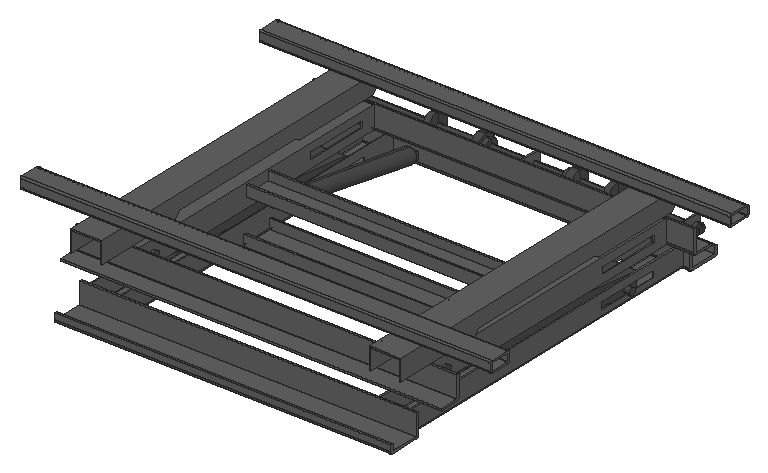
Revit family "Atdec-Wall_Mount-ADB_VWP-", category Generic Models, host Face, Revit 2016
Family settings
  Host = Face
  Part Type = Normal
  Can host rebar = No
  Round Connector Dimension = Use Diameter
  Cut with Voids When Loaded = No
  Shared = No
  Room Calculation Point = No
Parameters (values of type "ADB-VWP")
  Weight, single unit = "5.92kg (13lb)"
  Weight, master carton = "15.5kg (34lb)"
  Warranty = "10 years"
  VESA mounting hole pattern, mm = "100x100, 100x200, 200x100, 200x200, 200x300, 200x400, 200x600, 300x200, 300x300, 400x200, 400x300, 400x400, 400x600, 600x200, 600x400"
  Universal Height (mm) = "From 100 to 400"
  URL = "www.atdec.com.au"
  UPC Code = "881493016231"
  Tilt Adjustment = "-"
  Single units per master pack = "1"
  Single Unit Dimensions = "650mm (25.5\") Lenght, 587mm (23.1\") Width, 100mm (3.9\") Height"
  Security feature = "Can be secured with padlock (not included)"
  Range of Motion = "Fixed Angle"
  Product information link = "https://www.atdec.com.au/adb-vwp"
  Product Family = "Wall Mount Rail"  # constant formula
  Universal Width (mm) = "From 100 to 600"
  Plate Finish [instance] = ATD-Powdercoat Black
  Pan Adjustment = "-"
  Open Dist [instance] = if(OPEN, 290 mm, 119 mm)  # 119 mm
  OPEN [instance] = no
  Model = "ADB-VWP"
  Minimum distance from wall (mm) = "88mm (3.46\")"
  Maximum distance from wall (mm) = "267mm (10.5\")"
  Material = "Steel"
  Master Carton Dimensions = "660mm (26\") Lenght, 600mm (23.6\") Width, 110mm (4.3\") Height"
  Manufacturer = "Atdec"  # constant formula
  Flat screen maximum supported weight = "50kg (110lb)"
  Email Address = "support@atdec.com"
  Description = "pop-out video wall mount"
  Default Elevation = 1219.2 mm
  Colour Options = "Black"
  CLOSED [instance] = not(OPEN)  # yes
  Bracket Finish [instance] = ATD-Plastic Black
  Bracket Distance = 440 mm
  Assembly Code = "E1010800"
Reference planes
  plane 1 "Center (Front/Back)": y = 0
  plane 2: z = 0
  plane 3 "Center (Left/Right)": x = 0
  plane 4: x = -220
  plane 5: x = 220
  plane 6: z = 0
  plane 7: z = 38.193
  plane 8: z = 76.386
  plane 9: y = 226.719
  plane 10: z = 119
  plane 11: x = -220
  plane 12: x = 220
Forms (mm)
  Sweep 1, solid, material "ATD-Powdercoat Black" <- "Plate Finish"
    path origin (0, 0, 817.158) x (0, 1, 0) y (0, 0, -1)
      loop
        line (-250.259, 723.035) -> (214.219, 723.035)
    profile origin (0, -18.02, 94.123) x (0, 0, 1) y (1, 0, 0)
      loop
        line (-18.126, -219) -> (-18.126, -221) -> (10.302, -221) -> (10.302, -179.038) -> (-18.126, -179.038) -> (-18.126, -181.038) -> (8.302, -181.038) -> (8.302, -219) -> (-18.126, -219)
      loop
        line (-18.126, 219) -> (8.302, 219) -> (8.302, 181.038) -> (-18.126, 181.038) -> (-18.126, 179.038) -> (10.302, 179.038) -> (10.302, 221) -> (-18.126, 221) -> (-18.126, 219)
  Extrusion 2, solid, material "ATD-Powdercoat Black" <- "Plate Finish"
    sketch origin (0, 0, 817.158) x (0, 1, 0) y (0, 0, 1)
      loop
        line (226.262, -775.136) -> (226.262, -772.636) -> (201.262, -772.636)
        arc (201.262, -772.636) -> (200.875, -772.474) -> (200.719, -772.086) r 0.542
        line (200.719, -772.086) -> (200.719, -743.195) -> (198.219, -743.195) -> (198.219, -772.075)
        arc (198.219, -772.075) -> (199.104, -774.238) -> (201.262, -775.136) r 3.042
        line (201.262, -775.136) -> (226.262, -775.136)
      loop
        line (-223.823, -775.136) -> (-198.823, -775.136)
        arc (-198.823, -775.136) -> (-196.665, -774.238) -> (-195.781, -772.075) r 3.042
        line (-195.781, -772.075) -> (-195.781, -743.195) -> (-198.281, -743.195) -> (-198.281, -772.086)
        arc (-198.281, -772.086) -> (-198.437, -772.474) -> (-198.823, -772.636) r 0.542
        line (-198.823, -772.636) -> (-223.823, -772.636) -> (-223.823, -775.136)
    from -255.875 to 254.125
  Extrusion 3, solid, material "ATD-Powdercoat Black" <- "Plate Finish"
    sketch origin (0, 0, 456.756) x (0, 1, 0) y (0, 0, 1)
      loop
        line (272.889, -444.756) -> (269.889, -444.756) -> (269.889, -453.756) -> (230.389, -453.756) -> (230.389, -424.756) -> (227.389, -424.756) -> (227.389, -453.256)
        arc (227.389, -453.256) -> (228.414, -455.731) -> (230.889, -456.756) r 3.5
        line (230.889, -456.756) -> (269.389, -456.756)
        arc (269.389, -456.756) -> (271.864, -455.731) -> (272.889, -453.256) r 3.5
        line (272.889, -453.256) -> (272.889, -444.756)
      loop
        line (-272.111, -444.756) -> (-272.111, -453.256)
        arc (-272.111, -453.256) -> (-271.086, -455.731) -> (-268.611, -456.756) r 3.5
        line (-268.611, -456.756) -> (-230.111, -456.756)
        arc (-230.111, -456.756) -> (-227.636, -455.731) -> (-226.611, -453.256) r 3.5
        line (-226.611, -453.256) -> (-226.611, -424.756) -> (-229.611, -424.756) -> (-229.611, -453.756) -> (-269.111, -453.756) -> (-269.111, -444.756) -> (-272.111, -444.756)
    from -224.828 to 225.172
  Sweep 4, solid, material "ATD-Powdercoat Black" <- "Plate Finish"
    path origin (0, 0, 817.158) x (0, 1, 0) y (0, 0, -1)
      loop
        line (-226.611, 817.158) -> (227.389, 817.158)
    profile origin (0, 0.389, 0) x (0, 0, 1) y (1, 0, 0)
      loop
        line (3, -215.4) -> (30.5, -215.4) -> (30.5, -213.4) -> (3, -213.4)
        arc (3, -213.4) -> (2.293, -213.107) -> (2, -212.4) r 1
        line (2, -212.4) -> (2, -174.6)
        arc (2, -174.6) -> (2.293, -173.893) -> (3, -173.6) r 1
        line (3, -173.6) -> (30.5, -173.6) -> (30.5, -171.6) -> (3, -171.6)
        arc (3, -171.6) -> (0.879, -172.479) -> (0, -174.6) r 3
        line (0, -174.6) -> (0, -212.4)
        arc (0, -212.4) -> (0.879, -214.521) -> (3, -215.4) r 3
      loop
        arc (3, 215.4) -> (0.879, 214.521) -> (0, 212.4) r 3
        line (0, 212.4) -> (0, 174.6)
        arc (0, 174.6) -> (0.879, 172.479) -> (3, 171.6) r 3
        line (3, 171.6) -> (30.5, 171.6) -> (30.5, 173.6) -> (3, 173.6)
        arc (3, 173.6) -> (2.293, 173.893) -> (2, 174.6) r 1
        line (2, 174.6) -> (2, 212.4)
        arc (2, 212.4) -> (2.293, 213.107) -> (3, 213.4) r 1
        line (3, 213.4) -> (30.5, 213.4) -> (30.5, 215.4) -> (3, 215.4)
  Sweep 5, solid, material "ATD-Powdercoat Black" <- "Plate Finish"
    path origin (0, 0, 822.158) x (0, 1, 0) y (0, 0, -1)
      loop
        line (-195.781, 723.035) -> (198.219, 723.035)
    profile origin (0, 1.219, 99.123) x (0, 0, 1) y (1, 0, 0)
      loop
        line (-57.109, -214.303) -> (-57.109, -216.303) -> (-26.182, -216.303) -> (-26.182, -174.341) -> (-57.109, -174.341) -> (-57.109, -176.341) -> (-28.182, -176.341) -> (-28.182, -214.303) -> (-57.109, -214.303)
      loop
        line (-57.109, 214.303) -> (-28.182, 214.303) -> (-28.182, 176.341) -> (-57.109, 176.341) -> (-57.109, 174.341) -> (-26.182, 174.341) -> (-26.182, 216.303) -> (-57.109, 216.303) -> (-57.109, 214.303)
  Extrusion 6, void
    sketch origin (0, 0, 0) x (0, 1, 0) y (0, 0, 1)
      loop
        line (180.048, 62.731) -> (91.634, 62.731) -> (91.634, 52.454) -> (180.048, 52.454) -> (180.048, 62.731)
      loop
        line (180.048, 19.888) -> (91.634, 19.888) -> (91.634, 9.61) -> (180.048, 9.61) -> (180.048, 19.888)
    from -220 to 220
  Extrusion 7, solid, material "ATD-Powdercoat Black" <- "Plate Finish"
    sketch origin (0, 0, 0) x (0, 1, 0) y (0, 0, 1)
      loop
        line (21.693, 16.31) -> (19.193, 16.31) -> (19.193, 3.81) -> (-20.807, 3.81) -> (-20.807, 16.31) -> (-23.307, 16.31) -> (-23.307, 1.31) -> (21.693, 1.31) -> (21.693, 16.31)
      loop
        line (22.631, 72.576) -> (20.131, 72.576) -> (20.131, 60.076) -> (-14.547, 60.076) -> (-14.547, 72.576) -> (-17.047, 72.576) -> (-17.047, 57.576) -> (22.631, 57.576) -> (22.631, 72.576)
    from -171.6 to 171.6
  Revolve 8, solid, material "ATD-Plastic Black" <- "Bracket Finish"
    sketch origin (0, 226.719, 227.002) x (0, 0, -1) y (-1, 0, 0)
      loop
        line (170.138, -242.5) -> (170.138, 242.5) -> (166.31, 242.5) -> (166.31, 239.3) -> (163.643, 239.3) -> (163.643, 222.939) -> (166.31, 222.939) -> (166.31, 119.412) -> (154.3, 119.412) -> (154.3, 111.426) -> (166.31, 111.426) -> (166.31, 58.266) -> (156.181, 56.48) -> (156.181, 46.48) -> (160.241, 46.48) -> (160.241, 39.782) -> (166.31, 39.782) -> (166.31, -62.149) -> (160.241, -62.149) -> (160.241, -68.848) -> (156.181, -68.848) -> (156.181, -78.848) -> (166.31, -80.634) -> (166.31, -121.426) -> (154.3, -121.426) -> (154.3, -129.412) -> (166.31, -129.412) -> (166.31, -222.939) -> (163.643, -222.939) -> (163.643, -239.3) -> (166.31, -239.3) -> (166.31, -242.5) -> (170.138, -242.5)
      axis (170.138, -242.5) -> (170.138, 242.5)
    angle from 0 to 360
  Sweep 9, solid, material "ATD-Powdercoat Black" <- "Plate Finish"
    path origin (0, 0, 0) x (1, 0, 0) y (0, 1, 0)
      loop
        line (0, 200.719) -> (0, 235.719)
    profile origin (0, 218.219, 0) x (-1, 0, 0) y (0, 0, 1)
      loop
        line (232.5, 70.095) -> (230, 70.095) -> (230, 45.3) -> (232.5, 45.3) -> (232.5, 70.095)
      loop
        line (-232.5, 70.095) -> (-232.5, 45.3) -> (-230, 45.3) -> (-230, 70.095) -> (-232.5, 70.095)
      loop
        line (-15, 70.095) -> (-17.5, 70.095) -> (-17.5, 45.3) -> (-15, 45.3) -> (-15, 70.095)
  Extrusion 10, void
    sketch origin (0, 0, 0) x (0, 1, 0) y (0, 0, 1)
      loop
        line (214.219, 104.425) -> (212.097, 92.387) -> (202.862, 80.567) -> (81.104, 80.567) -> (74.538, 84.358) -> (-120.462, 84.358) -> (-127.831, 76.989) -> (-127.831, 74.31) -> (214.219, 74.31) -> (214.219, 104.425)
    from -221 to 221
  Extrusion 11, solid, material "ATD-Powdercoat Black" <- "Plate Finish"
    sketch origin (0, 0, 0) x (0, 1, 0) y (0, 0, 1)
      loop
        line (185.074, 104.425) -> (211.09, 104.425)
        arc (211.09, 104.425) -> (212.504, 105.01) -> (213.09, 106.425) r 2
        line (213.09, 106.425) -> (213.09, 117)
        arc (213.09, 117) -> (212.504, 118.414) -> (211.09, 119) r 2
        line (211.09, 119) -> (185.074, 119)
        arc (185.074, 119) -> (183.66, 118.414) -> (183.074, 117) r 2
        line (183.074, 117) -> (183.074, 106.425)
        arc (183.074, 106.425) -> (183.66, 105.01) -> (185.074, 104.425) r 2
      loop
        arc (-188.824, 104.425) -> (-187.41, 105.01) -> (-186.824, 106.425) r 2
        line (-186.824, 106.425) -> (-186.824, 117)
        arc (-186.824, 117) -> (-187.41, 118.414) -> (-188.824, 119) r 2
        line (-188.824, 119) -> (-214.84, 119)
        arc (-214.84, 119) -> (-216.254, 118.414) -> (-216.84, 117) r 2
        line (-216.84, 117) -> (-216.84, 106.425)
        arc (-216.84, 106.425) -> (-216.254, 105.01) -> (-214.84, 104.425) r 2
        line (-214.84, 104.425) -> (-188.824, 104.425)
      loop
        line (211.59, 106.425) -> (211.59, 117)
        arc (211.59, 117) -> (211.443, 117.354) -> (211.09, 117.5) r 0.5
        line (211.09, 117.5) -> (185.074, 117.5)
        arc (185.074, 117.5) -> (184.721, 117.354) -> (184.574, 117) r 0.5
        line (184.574, 117) -> (184.574, 106.425)
        arc (184.574, 106.425) -> (184.721, 106.071) -> (185.074, 105.925) r 0.5
        line (185.074, 105.925) -> (211.09, 105.925)
        arc (211.09, 105.925) -> (211.443, 106.071) -> (211.59, 106.425) r 0.5
      loop
        arc (-188.324, 117) -> (-188.471, 117.354) -> (-188.824, 117.5) r 0.5
        line (-188.824, 117.5) -> (-214.84, 117.5)
        arc (-214.84, 117.5) -> (-215.193, 117.354) -> (-215.34, 117) r 0.5
        line (-215.34, 117) -> (-215.34, 106.425)
        arc (-215.34, 106.425) -> (-215.193, 106.071) -> (-214.84, 105.925) r 0.5
        line (-214.84, 105.925) -> (-188.824, 105.925)
        arc (-188.824, 105.925) -> (-188.471, 106.071) -> (-188.324, 106.425) r 0.5
        line (-188.324, 106.425) -> (-188.324, 117)
    from -315 to 315
Cuts and joins
  Extrusion 6 cuts Sweep 5
  Extrusion 6 cuts Sweep 4
  Extrusion 10 cuts Sweep 1
Dimensions and locks
  equal spacing: plane 4, plane 3 "Center (Left/Right)", plane 5
  Sweep 1 sketch curve to Sweep 1 sketch curve = 464.478 mm
  Extrusion 2 sketch curve to Extrusion 2 sketch curve to Extrusion 2 sketch curve = 2.5 mm locked, 29.44 mm locked  (x2)
  locked: Extrusion 2 sketch curve to Extrusion 2 sketch curve at 25.542
  Extrusion 2 sketch curve to Extrusion 2 sketch curve to Extrusion 2 sketch curve = 25.542 mm locked, 2.5 mm locked
  equal spacing: plane 8, plane 7, plane 6
  Extrusion 3 sketch curve to Extrusion 3 sketch curve to Extrusion 3 sketch curve to Extrusion 3 sketch curve to plane 1 "Center (Front/Back)" = 3 mm locked, 39.5 mm locked, 3 mm locked, 227.389 mm locked
  plane 1 "Center (Front/Back)" to Extrusion 3 sketch curve to Extrusion 3 sketch curve to Extrusion 3 sketch curve to Extrusion 3 sketch curve = 226.611 mm locked, 3 mm locked, 39.5 mm locked, 3 mm locked
  Sweep 4 sketch curve to Sweep 4 sketch curve to Sweep 4 sketch curve to Sweep 4 sketch curve to plane 4 = 2 mm locked, 39.8 mm locked, 2 mm locked, 4.6 mm locked
  Sweep 4 sketch curve to Sweep 4 sketch curve to Sweep 4 sketch curve to Sweep 4 sketch curve to plane 5 = 2 mm locked, 39.8 mm locked, 2 mm locked, 4.6 mm locked
  Sweep 4 sketch curve to Sweep 4 sketch curve to plane 6 = 28.5 mm locked, 2 mm locked  (x2)
  Sweep 5 sketch curve to Sweep 5 sketch curve = 394 mm
  Sweep 5 sketch curve to Sweep 5 sketch curve to Sweep 5 sketch curve to Sweep 5 sketch curve to plane 11 = 2 mm locked, 37.962 mm locked, 2 mm locked, 3.697 mm
  plane 12 to Sweep 5 sketch curve to Sweep 5 sketch curve to Sweep 5 sketch curve to Sweep 5 sketch curve = 3.697 mm locked, 2 mm locked, 37.962 mm locked, 2 mm locked
  plane 8 to Sweep 5 sketch curve to Sweep 5 sketch curve to Sweep 5 sketch curve = 3.445 mm locked, 2 mm locked, 28.927 mm locked  (x2)
  Sweep 1 sketch curve to Sweep 1 sketch curve to plane 8 to Sweep 1 sketch curve = 2 mm locked, 26.039 mm locked, 0.388 mm locked  (x2)
  Sweep 1 sketch curve to plane 12 to Sweep 1 sketch curve to Sweep 1 sketch curve to Sweep 1 sketch curve = 1 mm locked, 1 mm locked, 37.962 mm locked, 2 mm locked
  Sweep 1 sketch curve to Sweep 1 sketch curve to Sweep 1 sketch curve to plane 11 to Sweep 1 sketch curve = 2 mm locked, 37.962 mm locked, 1 mm locked, 1 mm locked
  locked: nested 1 to plane 4 at 7.5
  locked: plane 5 to nested 2 at 7.5
  plane 8 to Extrusion 6 sketch curve to Extrusion 6 sketch curve = 13.654 mm locked, 10.278 mm locked
  Extrusion 6 sketch curve to Extrusion 6 sketch curve to plane 1 "Center (Front/Back)" = 88.414 mm locked, 91.634 mm locked  (x2)
  Extrusion 6 sketch curve to Extrusion 6 sketch curve to plane 2 = 10.278 mm locked, 9.61 mm locked
  Extrusion 6 to plane 2 = 52.454 mm
  Sweep 1 sketch curve to plane 1 "Center (Front/Back)" to Sweep 1 sketch curve = 214.219 mm locked, 250.259 mm locked
  plane 6 to Extrusion 7 sketch curve to Extrusion 7 sketch curve to Extrusion 7 sketch curve = 1.31 mm locked, 2.5 mm locked, 12.5 mm locked
  Extrusion 7 sketch curve to Extrusion 7 sketch curve to plane 1 "Center (Front/Back)" to Extrusion 7 sketch curve to Extrusion 7 sketch curve = 2.5 mm locked, 20.131 mm locked, 14.547 mm locked, 2.5 mm locked
  Extrusion 7 sketch curve to Extrusion 7 sketch curve to Extrusion 7 sketch curve to plane 8 = 2.5 mm locked, 12.5 mm locked, 3.81 mm locked
  Revolve 8 sketch curve to Revolve 8 sketch curve to Revolve 8 sketch curve to Revolve 8 sketch curve to Revolve 8 sketch curve to Revolve 8 sketch curve to plane 8 = 3.827 mm locked, 2.667 mm locked, 3.402 mm locked, 4.06 mm locked, 1.881 mm locked, 3.684 mm locked
  locked: Revolve 8 sketch curve to plane 8 at 19.522
  locked: plane 9 to plane 1 "Center (Front/Back)" at 226.719
  Sweep 9 sketch curve to plane 9 to Sweep 9 sketch curve = 9.001 mm locked, 25.999 mm locked
  "Open Dist": plane 2 to plane 10
  locked: plane 10 to plane 8 at 42.614
  locked: plane 1 "Center (Front/Back)" to nested 1 at 44.137
  locked: plane 1 "Center (Front/Back)" to nested 2 at 44.137
  equal spacing: plane 11, plane 3 "Center (Left/Right)", plane 12
  "Bracket Distance": plane 11 to plane 12
  plane 2 to Extrusion 3 sketch curve to Extrusion 3 sketch curve to Extrusion 3 sketch curve = 3 mm locked, 9 mm locked, 20 mm locked
  locked: Extrusion 3 to plane 4 at 4.828
  locked: Extrusion 3 to plane 5 at 5.172
  locked: plane 9 to Sweep 1 at 12.5
  Extrusion 10 sketch curve to Extrusion 10 sketch curve to Extrusion 10 sketch curve to plane 10 = 6.257 mm locked, 3.791 mm locked, 34.642 mm locked
  locked: plane 1 "Center (Front/Back)" to Extrusion 10 sketch curve at 127.831
  locked: plane 9 to Extrusion 10 sketch curve at 14.622
  plane 4 to Sweep 9 sketch curve to Sweep 9 sketch curve = 10 mm locked, 2.5 mm locked
  plane 8 to Sweep 9 sketch curve to Sweep 9 sketch curve = 6.291 mm locked, 24.795 mm locked
  Sweep 9 sketch curve to Sweep 9 sketch curve to plane 5 = 2.5 mm locked, 10 mm locked
  Sweep 9 sketch curve to Sweep 9 sketch curve to plane 3 "Center (Left/Right)" = 2.5 mm locked, 15 mm locked
  locked: Extrusion 11 sketch curve to plane 10 at 14.575  (x2)
  Extrusion 11 sketch curve to Extrusion 11 sketch curve to plane 10 = 11.575 mm locked, 1.5 mm locked
  locked: Extrusion 11 sketch curve to Extrusion 11 sketch curve at 1.5  (x4)
  plane 1 "Center (Front/Back)" to Extrusion 11 sketch curve to Extrusion 11 sketch curve = 186.824 mm locked, 30.015 mm locked
  Extrusion 11 sketch curve to Extrusion 11 sketch curve to plane 1 "Center (Front/Back)" = 30.015 mm locked, 183.074 mm locked
  equal spacing: Extrusion 11, plane 3 "Center (Left/Right)", Extrusion 11, locked at 315 each
  aligned and locked: plane 2 to host face
  aligned and locked: level to host face
  aligned and locked: plane 6 to Sweep 4 sketch curve  (x2)
  aligned and locked: Sweep 4 sketch curve to Extrusion 3
  aligned and locked: Extrusion 3 to Sweep 4 sketch curve
  aligned and locked: Sweep 4 sketch curve to Sweep 4 sketch curve  (x2)
  aligned and locked: Sweep 4 sketch curve to plane 6
  aligned and locked: Sweep 5 sketch curve to Sweep 5 sketch curve  (x2)
  aligned and locked: plane 2 to plane 6
  aligned and locked: Extrusion 6 to plane 4
  aligned and locked: Extrusion 7 sketch curve to Extrusion 7 sketch curve  (x2)
  aligned and locked: Extrusion 7 to cut or joined group of Sweep 4, Extrusion 6  (x2)
  aligned and locked: Revolve 8 sketch curve to Revolve 8 sketch curve  (x8)
  aligned and locked: plane 3 "Center (Left/Right)" to Sweep 9 sketch curve
  aligned and locked: nested 1 to plane 7
  aligned and locked: plane 7 to nested 2
  aligned and locked: Extrusion 3 sketch curve to plane 6
  aligned and locked: Extrusion 3 sketch curve to plane 2
  aligned and locked: Extrusion 3 sketch curve to Extrusion 3 sketch curve  (x3)
  aligned and locked: Extrusion 10 to Sweep 1  (x2)
  aligned and locked: Sweep 9 sketch curve to Sweep 9 sketch curve  (x4)
  aligned and locked: plane 11 to plane 4
  aligned and locked: plane 10 to Extrusion 11 sketch curve
  aligned and locked: Extrusion 11 sketch curve to plane 10
Automatic sketch dimensions
  host sketch curve to host sketch curve = 852.599 mm
  host sketch curve to host sketch curve = 866.205 mm
  Extrusion 2 sketch curve to Extrusion 2 sketch curve = 0 mm  (x4)
  plane 8 to Extrusion 2 sketch curve = 31.864 mm
  Extrusion 2 sketch curve to plane 1 "Center (Front/Back)" = 223.823 mm
  Extrusion 2 sketch curve to Extrusion 2 sketch curve = 0.542 mm  (x2)
  Extrusion 2 sketch curve to Extrusion 2 sketch curve = 2.5 mm
  plane 8 to Extrusion 2 sketch curve = 2.423 mm
  plane 1 "Center (Front/Back)" to Extrusion 2 sketch curve = 198.219 mm
  Extrusion 2 sketch curve to Extrusion 2 sketch curve = 0.561 mm  (x2)
  Extrusion 3 sketch curve to Extrusion 3 sketch curve = 0.5 mm  (x4)
  Sweep 4 sketch curve to Sweep 4 sketch curve = 0 mm  (x4)
  Sweep 4 sketch curve to Sweep 4 sketch curve = 1 mm  (x3)
  Sweep 4 sketch curve to profile plane = 3 mm
  Sweep 5 sketch curve to plane 1 "Center (Front/Back)" = 195.781 mm
  Sweep 5 sketch curve to plane 8 = 22.737 mm
  Sweep 1 sketch curve to plane 8 = 17.737 mm
  plane 1 "Center (Front/Back)" to Extrusion 7 sketch curve = 23.307 mm
  Extrusion 7 sketch curve to Extrusion 7 sketch curve = 2.5 mm  (x2)
  Extrusion 7 sketch curve to plane 1 "Center (Front/Back)" = 19.193 mm
  profile plane to Sweep 1 sketch curve = 18.126 mm  (x2)
  Revolve 8 sketch curve to Revolve 8 sketch curve = 2.667 mm
  Revolve 8 sketch curve to Revolve 8 sketch curve = 3.827 mm
  plane 5 to Revolve 8 sketch curve = 22.5 mm
  Revolve 8 sketch curve to Revolve 8 sketch curve = 3.2 mm  (x2)
  plane 5 to Revolve 8 sketch curve = 2.939 mm
  Revolve 8 sketch curve to plane 5 = 90.588 mm
  Revolve 8 sketch curve to Revolve 8 sketch curve = 7.986 mm  (x2)
  Revolve 8 sketch curve to Revolve 8 sketch curve = 40.792 mm
  Revolve 8 sketch curve to Revolve 8 sketch curve = 1.786 mm  (x2)
  Revolve 8 sketch curve to Revolve 8 sketch curve = 10 mm  (x2)
  Revolve 8 sketch curve to Revolve 8 sketch curve = 6.699 mm  (x2)
  Revolve 8 sketch curve to plane 3 "Center (Left/Right)" = 39.782 mm
  Revolve 8 sketch curve to Revolve 8 sketch curve = 53.16 mm
  Revolve 8 sketch curve to plane 4 = 2.939 mm
  Revolve 8 sketch curve to Revolve 8 sketch curve = 16.361 mm
  Revolve 8 sketch curve to Revolve 8 sketch curve = 0 mm
  Revolve 8 sketch curve to Revolve 8 sketch curve = 25 mm
  Extrusion 10 sketch curve to Extrusion 10 sketch curve = 7.369 mm
  Extrusion 10 sketch curve to plane 1 "Center (Front/Back)" = 74.538 mm
  Extrusion 10 sketch curve to Extrusion 10 sketch curve = 6.566 mm
  Extrusion 10 sketch curve to plane 9 = 23.857 mm
  plane 8 to Extrusion 10 sketch curve = 0.604 mm
  Extrusion 10 sketch curve to Extrusion 10 sketch curve = 11.82 mm
  Extrusion 10 sketch curve to Extrusion 10 sketch curve = 2.123 mm
  Extrusion 10 sketch curve to Extrusion 10 sketch curve = 12.037 mm
  plane 10 to Extrusion 11 sketch curve = 2 mm  (x4)
  Extrusion 11 sketch curve to Extrusion 11 sketch curve = 2 mm  (x3)
  Extrusion 11 sketch curve to Extrusion 11 sketch curve = 0 mm  (x11)
Nested families
  nested 1: "ADB BRKT" at (-212.5, -44.137, 38.193), Bracket Finish <- "Bracket Finish", OPEN <- "OPEN", CLOSED <- "CLOSED", type "ADB BRKT"
    with OPEN no, CLOSED yes, Bracket Finish ATD-Plastic Black
  nested 2: "ADB BRKT" at (212.5, -44.137, 38.193) x (-1, 0, 0) z (0, 0, 1), Bracket Finish <- "Bracket Finish", OPEN <- "OPEN", CLOSED <- "CLOSED", type "ADB BRKT"
    with OPEN no, CLOSED yes, Bracket Finish ATD-Plastic Black
Definition of nested family "ADB BRKT"
  Parameters (values of type "ADB BRKT")
    OPEN [instance] = yes
    CLOSED [instance] = yes
    Bracket Finish [instance] = none
  Reference planes
    plane 1 "Center (Front/Back)": z = 0
    plane 2: y = 0
    plane 3 "Center (Left/Right)": x = 0
  Forms (mm)
    Sweep 1, solid, material <- "Bracket Finish", visible <- "OPEN"
      path origin (0, -15, 0) x (0, 0, 1) y (0, -1, 0)
        loop
          line (116.062, 135.85) -> (-97.967, -153.618)
      profile origin (0, -6.116, 9.047) x (0, 0.594525, 0.804077) y (1, 0, 0)
        loop
          line (-23.352, -0.1) -> (0, -0.1) -> (0, 35.1) -> (-23.352, 35.1) -> (-23.352, 33.1) -> (-2, 33.1) -> (-2, 1.9) -> (-23.352, 1.9) -> (-23.352, -0.1)
    Revolve 2, solid, material <- "Bracket Finish", visible <- "OPEN"
      sketch origin (68.75, -7.5, -6.25) x (0, 0, 1) y (0, -1, 0)
        loop
          line (104.42, 38.213) -> (107.257, 41.05) -> (11.137, 139.098) -> (14.672, 142.633) -> (-101.32, 262.43) -> (-108.425, 255.325) -> (104.42, 38.213)
        axis (104.42, 38.213) -> (-108.495, 255.397)
      angle from 0 to 360
    Sweep 3, solid, material <- "Bracket Finish", visible <- "CLOSED"
      path origin (0, -35.459, -3.353) x (0, -0.681998, 0.731354) y (0, -0.731354, -0.681998)
        loop
          line (107.144, 123.789) -> (-94.995, -149.598)
      profile origin (0, -30.164, 9.89) x (0, -0.113571, 0.99353) y (1, 0, 0)
        loop
          line (-23.352, -0.1) -> (0, -0.1) -> (0, 35.1) -> (-23.352, 35.1) -> (-23.352, 33.1) -> (-2, 33.1) -> (-2, 1.9) -> (-23.352, 1.9) -> (-23.352, -0.1)
    Revolve 4, solid, material <- "Bracket Finish", visible <- "CLOSED"
      sketch origin (68.75, 19.951, -75.661) x (0, 0.559193, 0.829038) y (0, -0.829038, 0.559193)
        loop
          line (40.82, 103.088) -> (43.657, 105.926) -> (11.137, 139.098) -> (14.672, 142.633) -> (-108.107, 269.44) -> (-115.255, 262.292) -> (40.82, 103.088)
        axis (40.82, 103.088) -> (-115.326, 262.364)
      angle from 0 to 360
    Sweep 5, solid, material <- "Bracket Finish", visible <- "OPEN"
      path origin (0, -6.766, -2.103) x (0, -0.950384, 0.311079) y (0, -0.311079, -0.950384)
        loop
          line (123.828, 146.354) -> (-97.967, -153.618)
      profile origin (0, -17.925, 5.371) x (0, -0.579238, 0.815158) y (1, 0, 0)
        loop
          line (-23.352, 3.025) -> (0, 3.025) -> (0, 31.975) -> (-23.352, 31.975) -> (-23.352, 29.975) -> (-2, 29.975) -> (-2, 5.025) -> (-23.352, 5.025) -> (-23.352, 3.025)
    Extrusion 6, void
      sketch origin (1.9, -152.039, 114.453) x (0, 0.804077, -0.594525) y (1, 0, 0)
        loop
          line (249.945, 31.2) -> (106.125, 31.2) -> (106.125, 0) -> (249.945, 0) -> (249.945, 31.2)
      from -8.137 to 21.352
    Extrusion 7, solid, material <- "Bracket Finish", visible <- "CLOSED"
      sketch origin (0, -45, 2.5) x (0, 1, 0) y (0, 0, 1)
        loop
          line (-216.189, -31.721) -> (-218, -21.887) -> (-227.835, -23.697) -> (-226.024, -33.532) -> (-216.189, -31.721)
      from 62.564 to 73.897
    Extrusion 8, solid, material <- "Bracket Finish", visible <- "OPEN"
      sketch origin (0, -89.984, 31.631) x (0, 0.838226, 0.545323) y (0, -0.545323, 0.838226)
        loop
          line (-223.812, -33.125) -> (-225.786, -23.32) -> (-233.102, -24.667)
          arc (-233.102, -24.667) -> (-235.884, -30.612) -> (-230.493, -34.355) r 5.089
          line (-230.493, -34.355) -> (-223.812, -33.125)
      from 62.564 to 73.897
    Extrusion 9, solid, material <- "Bracket Finish", visible <- "CLOSED"
      sketch origin (0, 204.141, 55.867) x (0, 1, 0) y (0, 0, 1)
        loop
          line (-241.88, -34.449) -> (-247.701, -35.521) -> (-246.076, -44.349) -> (-240.255, -43.278)
          arc (-240.255, -43.278) -> (-237.097, -38.133) -> (-241.88, -34.449) r 4.514
      from 66.258 to 70.295
    Extrusion 10, solid, material <- "Bracket Finish", visible <- "OPEN"
      sketch origin (0, 131.075, 248.028) x (0, 0.838226, 0.545323) y (0, -0.545323, 0.838226)
        loop
          line (-225.338, -23.311) -> (-230.848, -24.325) -> (-229.037, -34.16) -> (-223.789, -33.194)
          arc (-223.789, -33.194) -> (-219.715, -27.492) -> (-225.338, -23.311) r 5.003
      from 66.258 to 70.295
    Extrusion 11, solid, material <- "Bracket Finish", visible <- "CLOSED"
      sketch origin (0, -45, 0) x (0, 1, 0) y (0, 0, 1)
        loop
          circle (172.793, 19.112) r 4.605
        loop
          circle (-135.664, -23.614) r 4.6
      from -8.719 to 43.176
    Extrusion 12, solid, material <- "Bracket Finish", visible <- "OPEN"
      sketch origin (0, -38.923, 80.714) x (0, 1, 0) y (0, 0, 1)
        loop
          circle (172.793, 19.112) r 4.605
        loop
          circle (-114.343, -189.432) r 4.6
      from -8.719 to 43.176
    Extrusion 13, solid, material <- "Bracket Finish", visible <- "OPEN"
      sketch origin (0, -321.423, 80.714) x (0, 1, 0) y (0, 0, 1)
        loop
          circle (172.793, 24.112) r 4.605
        loop
          circle (445.657, -184.432) r 4.6
      from -8.719 to 43.176
  Cuts and joins
    Extrusion 6 cuts Sweep 1
    Extrusion 6 cuts Sweep 3
    Extrusion 6 cuts Sweep 5
  Dimensions and locks
    aligned and locked: Extrusion 8 sketch curve to Revolve 2
